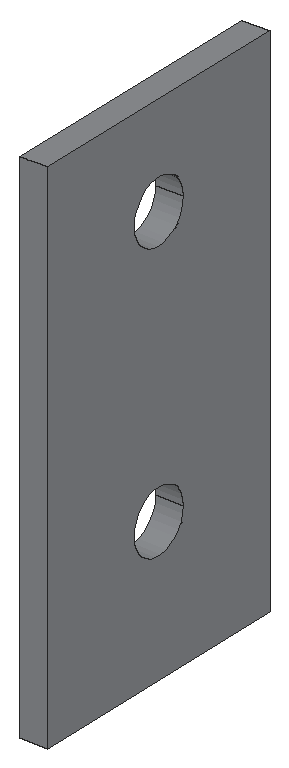
Revit family "Connection-Cleat Plate-Steel & Tube-HST Standard", category Structural Connections, host Face, Revit 2018
Family settings
  Host = Face
  Material for Model Behavior = Steel
  OmniClass Number = 23.25.05.17.11
  OmniClass Title = Column Bases
  Enable cutting in views = Yes
  Cut with Voids When Loaded = No
  Shared = Yes
Parameters (values of type "HST150")
  f = if(Beam Size = 102 mm, 57 mm, if(Beam Size = 152 mm, 41 mm, if(Beam Size = 203 mm, 48 mm, if(Beam Size = 250 mm, 53 mm, if(Beam Size = 300 mm, 55 mm, if(Beam Size = 350 mm, 60 mm, 70 mm))))))  # 41 mm
  g = if(Beam Size = 102 mm, 64 mm, if(Beam Size = 152 mm, 80 mm, if(Beam Size = 203 mm, 120 mm, if(Beam Size = 250 mm, 160 mm, if(Beam Size = 300 mm, 200 mm, if(Beam Size = 350 mm, 240 mm, 280 mm))))))  # 80 mm
  Width_ANZRS [instance] = if(and(Beam Size = 102 mm, End Support), 140 mm, if(and(Beam Size = 102 mm, Internal Support), 280 mm, if(and(not(Beam Size = 102 mm), End Support), 80 mm, 150 mm)))  # 80 mm
  Uniclass2015Version = "2015"  # constant formula
  Uniclass2015Title = "Cold-formed galvanized steel sections"  # constant formula
  Uniclass2015Code = "Pr_20_76_51_21"  # constant formula
  URL = "http://www.steelandtube.co.nz"
  Type Comments = "HST Steel Purlin Standard Cleat"  # constant formula
  SpecificationReference = "3411ST"  # constant formula
  SpecificationDescription = "Steel & Tube Purlins & Girts"  # constant formula
  PlateThickness_ANZRS = 8 mm  # constant formula
  ModifiedIssue_ANZRS = 20160520.01  # constant formula
  Model = if(Beam Size = 102 mm, "HST100", if(Beam Size = 152 mm, "HST150", if(Beam Size = 203 mm, "HST200", if(Beam Size = 250 mm, "HST250", if(Beam Size = 300 mm, "HST300", if(Beam Size = 350 mm, "HST350", "HST400"))))))  # "HST150"
  Material_ANZRS = Metal-Steel-450MPa
  Material Standard = "Steel & Tube’s HST purlins and Girts profiles are manufactured from materials conforming to AS1397:2011"  # constant formula
  ManufacturerURL = "http://www.steelandtube.co.nz"
  ManufacturerName = Manufacturer  # "Steel & Tube"
  Manufacturer = "Steel & Tube"  # constant formula
  Length_ANZRS = PlateThickness_ANZRS  # 8 mm
  Internal Support [instance] = not(End Support)  # no
  Height_ANZRS = if(Beam Size = 102 mm, 100 mm, if(Beam Size = 152 mm, 150 mm, if(Beam Size = 203 mm, 200 mm, if(Beam Size = 250 mm, 250 mm, if(Beam Size = 300 mm, 300 mm, if(Beam Size = 350 mm, 340 mm, 380 mm))))))  # 150 mm
  End Support [instance] = yes
  Disclaimer [instance] = "Steel & Tube makes no representations or warranties about the information in this document, including (but not limited to) whether the information, and any materials referred to, are fit for purpose. The user is responsible for ensuring that the information, and any materials referred to, are fit for the purpose for which they are intended to be used. Except as required by law, Steel & Tube is not liable for any cost, loss, claim or expense incurred by any person as a result of any person using or relying on the information in this document."  # constant formula
  Design Standard = "Steel & Tube’s HST purlins and Girts profiles are designed in accordance with AS/NZS 4600:2005."  # constant formula
  Design Instruction = "All the design information should be cross referenced with the current Steel & Tube Purlins and Girts design guide, and AS/NZS 4600:2005"  # constant formula
  Description = "HST Steel Purlins and Girts are high strength lipped profile sections, providing an economic solution for your building project."  # constant formula
  Default Elevation = 0 mm
  CreatedBy_ANZRS = "Design Content"  # constant formula
  CreatedByURL_ANZRS = "http://www.designcontent.com.au"
  Column4 Centre Offset [instance] = if(and(Beam Size = 102 mm, Internal Support), 41 mm + g, 500 mm)  # 500 mm
  Column3 Centre Offset [instance] = if(and(not(Beam Size = 102 mm), End Support), 550 mm, if(and(Beam Size = 102 mm, End Support), g / 2, 41 mm))  # 550 mm
  Column2 Centre Offset [instance] = if(and(not(Beam Size = 102 mm), End Support), 0 mm, if(and(Beam Size = 102 mm, End Support), g / 2, 41 mm))  # 0 mm
  Column1 Centre Offset [instance] = if(and(Beam Size = 102 mm, Internal Support), 41 mm + g, 500 mm)  # 500 mm
  CBIDescription = "Structural steelwork"  # constant formula
  CBICode = "3411"  # constant formula
  Bolt Row2 Validation = if(not(Beam Size = 102 mm), g, 500 mm)  # 80 mm
  Beam Size = 152 mm
  Assembly Code = "B1020230"
Reference planes
  plane 1 "Center (Front/Back)": y = 0
  plane 2: z = 0
  plane 3 "Center (Left/Right)": x = 0
  plane 4 "Back": y = 40
  plane 5 "Front": y = -40
  plane 6 "Left": x = -4
  plane 7 "Right": x = 4
  plane 8 "Column1": y = 500
  plane 9 "Column2": y = 0
  plane 10 "Top": z = 150
  plane 11 "Bolt Row1": z = 41
  plane 12 "Bolt Row2": z = 121
  plane 13 "Column3": y = -550
  plane 14 "Column4": y = -500
Forms (mm)
  Extrusion 1, solid, material "Metal-Steel-450MPa" <- "Material_ANZRS", detail levels medium
    sketch origin (0, 0, 0) x (1, 0, 0) y (0, 0, 1)
      loop
        line (-4, 0) -> (4, 0) -> (4, 150) -> (-4, 150) -> (-4, 0)
    from -40 to 40
  Extrusion 2, solid, material "Metal-Steel-450MPa" <- "Material_ANZRS", detail levels fine
    sketch origin (0, 0, 0) x (1, 0, 0) y (0, 0, 1)
      loop
        line (-4, 0) -> (4, 0) -> (4, 150) -> (-4, 150) -> (-4, 0)
    from -40 to 40
  Extrusion 3, void
    sketch origin (0, 0, 0) x (0, 1, 0) y (0, 0, 1)
      loop
        circle (500, 121) r 9
      loop
        circle (500, 41) r 9
      loop
        circle (0, 41) r 9
      loop
        circle (0, 121) r 9
      loop
        circle (-500, 41) r 9
      loop
        circle (-500, 121) r 9
      loop
        circle (-550, 41) r 9
      loop
        circle (-550, 121) r 9
    from -4 to 4
Cuts and joins
  Extrusion 3 cuts Extrusion 2
Dimensions and locks
  equal spacing: plane 5 "Front", plane 1 "Center (Front/Back)", plane 4 "Back"
  "Width_ANZRS": plane 5 "Front" to plane 4 "Back"
  equal spacing: plane 6 "Left", plane 3 "Center (Left/Right)", plane 7 "Right"
  "Length_ANZRS": plane 6 "Left" to plane 7 "Right"
  "Height_ANZRS": plane 10 "Top" to plane 2
  "Bolt Row2 Validation": plane 12 "Bolt Row2" to plane 11 "Bolt Row1"
  "f": plane 11 "Bolt Row1" to plane 2
  "Column1 Centre Offset": plane 1 "Center (Front/Back)" to plane 8 "Column1"
  "Column2 Centre Offset": plane 1 "Center (Front/Back)" to plane 9 "Column2"
  "Column3 Centre Offset": plane 13 "Column3" to plane 1 "Center (Front/Back)"
  "Column4 Centre Offset": plane 14 "Column4" to plane 1 "Center (Front/Back)"
  aligned and locked: plane 2 to host face
  aligned and locked: level to host face
  aligned and locked: plane 2 to Extrusion 1 sketch curve
  aligned and locked: Extrusion 1 sketch curve to plane 7 "Right"
  aligned and locked: Extrusion 1 sketch curve to plane 10 "Top"
  aligned and locked: Extrusion 1 to plane 4 "Back"
  aligned and locked: plane 5 "Front" to Extrusion 1
  aligned and locked: plane 2 to Extrusion 2 sketch curve
  aligned and locked: Extrusion 2 sketch curve to plane 7 "Right"
  aligned and locked: Extrusion 2 sketch curve to plane 10 "Top"
  aligned and locked: Extrusion 2 to plane 4 "Back"
  aligned and locked: plane 5 "Front" to Extrusion 2
  aligned and locked: plane 8 "Column1" to Extrusion 3 sketch curve  (x2)
  aligned and locked: plane 9 "Column2" to Extrusion 3 sketch curve  (x2)
  aligned and locked: plane 12 "Bolt Row2" to Extrusion 3 sketch curve  (x4)
  aligned and locked: plane 11 "Bolt Row1" to Extrusion 3 sketch curve  (x4)
  aligned and locked: plane 7 "Right" to Extrusion 3
  aligned and locked: plane 6 "Left" to Extrusion 2 sketch curve
  aligned and locked: plane 6 "Left" to Extrusion 1 sketch curve
  aligned and locked: Extrusion 3 to plane 6 "Left"
  aligned and locked: plane 14 "Column4" to Extrusion 3 sketch curve  (x2)
  aligned and locked: plane 13 "Column3" to Extrusion 3 sketch curve  (x2)
Automatic sketch dimensions
  host sketch curve to host sketch curve = 2438.4 mm  (x2)
  radius of Extrusion 3 sketch curve = 9 mm  (x8)
Types in the file's own list only (6): name | f | g | ModifiedIssue_ANZRS | Model | Height_ANZRS | Bolt Row2 Validation | Beam Size
  HST100 | 57 mm | 64 mm | 20160520.01 $ | "HST100" | 100 mm | 500 mm | 102 mm
  HST200 | 48 mm | 120 mm | 20160520.01 $ | "HST200" | 200 mm | 120 mm | 203 mm
  HST250 | 53 mm | 160 mm | 20160520.01 $ | "HST250" | 250 mm | 160 mm | 250 mm
  HST300 | 55 mm | 200 mm | 20160520.01 $ | "HST300" | 300 mm | 200 mm | 300 mm
  HST350 | 60 mm | 240 mm | 20160520.01 $ | "HST350" | 340 mm | 240 mm | 350 mm
  HST400 | 70 mm | 280 mm | 20160520.01 $ | "HST400" | 380 mm | 280 mm | 400 mm
